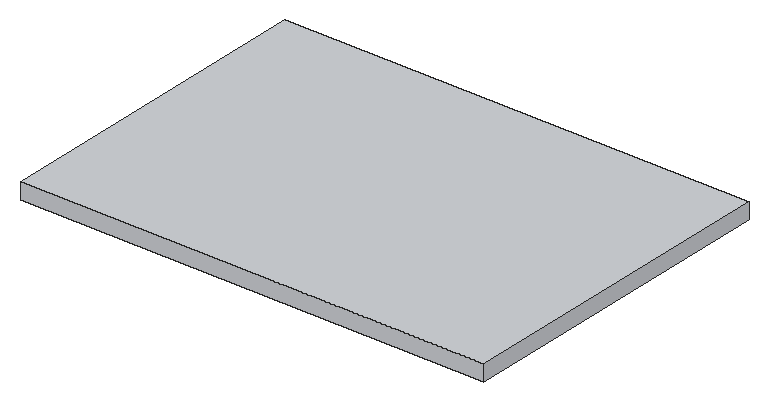
Revit family "XT - LI", category Aparatos sanitarios, Revit 2016
Family settings
  Anfitrión = Cara
  Tipo de pieza = Normal
  Cota de conector redondo = Diámetro de uso
  Número OmniClass = 23.45.05.14.14
  Título OmniClass = Sinks/Lavatories
  Corte con vacíos al cargar = No
  Compartido = No
  Punto de cálculo de habitación = No
Parameters (values of type "Pulsación suave")
  WFU = 0
  URL = "http://www.prestoiberica.com"
  Sistema = "AFS / ACS"
  Referencia = "26232 / 26233"
  Peso = 0.704 kg
  Notas de suministro = "Suministrado con arandela, junta y tuerca de fijación."
  Modelo = "PRESTO XT - LI"
  Material = Latón, cromado
  HWFU = 0
  Fabricante = "PRESTO IBÉRICA"
  Email = "info@prestoiberica.com"
  Teléfono = "+34 915 782 575"
  Default Elevation = 48"
  Diámetro entrada = 1/2"
  Descripción = "Cuerpo y pulsador en latón cromado, piezas interiores en materiales resistentes a la corrosión e incrustaciones calcáreas."
  Código de montaje = "D2020"
  Comentarios de tipo = "Fabricado con materiales de alta resistencia y duración. Cabeza intercambiable que comprende todo el mecanismo del grifo. Distintivo de temperatura integrado en el cuerpo."
  Cierre = "15 seg."
  Caudal = 6.0 L/min
  CWFU = 1
  Accionamiento = "Por pulsador suave"
Types (4): name | Referencia | Accionamiento
  (no name) | "26232 / 26233" | "Por pulsador suave"
  Pulsación normal | "26201 / 26221" | "Por pulsador normal"
  Pulsación suave | "26232 / 26233" | "Por pulsador suave"
  Pulsación antiblocaje | "26212 / 26213" | "Por pulsador suave"
Reference planes (in)
  plane 1 "Centro (Frontal/Posterior)": y = 0
  plane 2: z = 0
  plane 3 "Centro (Izquierda/Derecha)": x = 0
Forms (in)
  Extrusion 1, solid
    sketch origin (0, 0, 0) x (1, 0, 0) y (0, 1, 0)
      loop
        line (-6.44299, 4.74141) -> (-6.44299, -4.80498) -> (6.97478, -4.80498) -> (6.97478, 4.74141) -> (-6.44299, 4.74141)
    from 0 to -0.46774
Dimensions and locks (in)
  aligned and locked: plane 2 to Extrusion 1
  aligned and locked: level to Extrusion 1
Connectors (in)
  piping at (0, -0.19148, 0.31496), diameter 0.5, driven by "Caudal", driven by "Diámetro entrada"
    settings: on import instance, index 1, connector inside diameter 609.6 mm, connector length 0", flow factor 0, pipe flow 6.0 L/min, pressure drop 0.0 Pa, fitting loss kfactor 0, connector angle 0.00°, fixture units 0, engagement length 0", angle of deflection 0.00°, flow configuration 0, flow direction 1, fitting loss method 0, system type 20, joint type 0, gender type 0, connector reference index -1, connector utility 0, adjustable connector no, is connector primary yes, connector description ""
